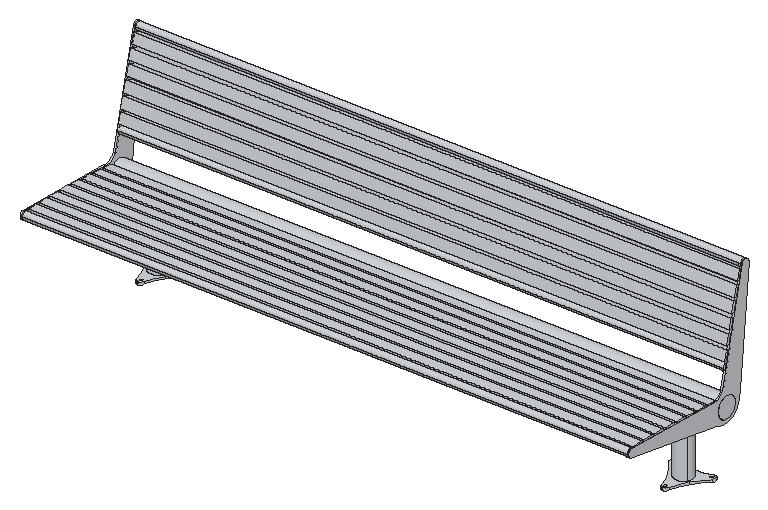
Revit family "Скамейка уличная «Палермо натур»", category Мебель, Revit 2017
Family settings
  Номер OmniClass = 23.40.20.00
  Заголовок OmniClass = General Furniture and Specialties
  На основе рабочей плоскости = Нет
  Всегда вертикально = Да
  При загрузке вырезать с полостями = Нет
  Общий = Нет
  Точка расчета площади = Нет
Parameters (values of type "Скамейка уличная «Палермо натур» 3,0м")
  Стоимость = 56175
  Изготовитель = "ООО \"Хоббика\""
  URL = "https://hobbyka.ru/product/skameyka_ulichnaya_palermo_natur/?sphrase_id=64114"
  ADSK_Размер_Ширина сидения = 535 mm
  ADSK_Размер_Ширина = 733 mm
  ADSK_Размер_Длина = 3000 mm
  ADSK_Размер_Высота сидения = 452 mm
  ADSK_Размер_Высота = 980 mm
  ADSK_Наименование = "Скамейка уличная «Палермо натур» 3,0м"
  ADSK_Материал опоры = none
  ADSK_Материал доски = none
  ADSK_Код изделия = "9675"
Types (3, lengths in mm): name | Стоимость | ADSK_Размер_Длина | ADSK_Наименование
  (no name) | 56175 | 3000 | "Скамейка уличная «Палермо натур» 3,0м"
  Скамейка уличная «Палермо» 1.8м | 40110 | 1512 | "Скамейка уличная «Палермо» 1.8м"
  Скамейка уличная «Палермо натур» 3,0м | 56175 | 3000 | "Скамейка уличная «Палермо натур» 3,0м"
Reference planes
  plane 1 "По центру (Вперед/Назад)": y = 0
  plane 2: z = 0
  plane 3 "По центру (Влево/Вправо)": x = 0
  plane 4: x = -1500
  plane 5: x = 1500
  plane 6: x = -1292.888
  plane 7: x = 1292.888
  plane 8: x = -1492
  plane 9: x = 1492
Forms (mm)
  Extrusion 1, solid, material <- "ADSK_Материал опоры"
    sketch origin (0, 0, 0) x (0, 1, 0) y (0, 0, 1)
      loop
        circle (-139.281, 382.568) r 50
      loop
        circle (-123.73, 551.733) r 17.755
      loop
        circle (-18.23, 964.655) r 17.755
      loop
        circle (-716.46, 432.421) r 17.755
    from -1492 to 1492
  Extrusion 2, solid, material <- "ADSK_Материал доски"
    sketch origin (0, 0, 0) x (0, 1, 0) y (0, 0, 1)
      loop
        line (-646.176, 416.636) -> (-646.176, 451.636) -> (-697.301, 451.636) -> (-697.301, 416.636) -> (-646.176, 416.636)
      loop
        line (-580.801, 415.945) -> (-580.801, 450.945) -> (-631.926, 450.945) -> (-631.926, 415.945) -> (-580.801, 415.945)
      loop
        line (-514.975, 413.485) -> (-514.242, 448.477) -> (-565.356, 449.547) -> (-566.089, 414.555) -> (-514.975, 413.485)
      loop
        line (-448.866, 411.59) -> (-448.133, 446.583) -> (-499.247, 447.653) -> (-499.98, 412.661) -> (-448.866, 411.59)
      loop
        line (-383.844, 407.213) -> (-382.073, 442.168) -> (-433.133, 444.755) -> (-434.904, 409.8) -> (-383.844, 407.213)
      loop
        line (-318.259, 403.047) -> (-316.001, 437.974) -> (-367.019, 441.273) -> (-369.278, 406.346) -> (-318.259, 403.047)
      loop
        line (-192.257, 392.54) -> (-188.902, 427.378) -> (-239.792, 432.278) -> (-243.146, 397.44) -> (-192.257, 392.54)
      loop
        line (-255.414, 398.577) -> (-252.879, 433.485) -> (-303.87, 437.188) -> (-306.405, 402.28) -> (-255.414, 398.577)
      loop
        line (-55.912, 898.345) -> (-22.286, 888.636) -> (-8.104, 937.754) -> (-41.73, 947.463) -> (-55.912, 898.345)
      loop
        line (-73.748, 834.755) -> (-40.006, 825.458) -> (-26.425, 874.746) -> (-60.167, 884.043) -> (-73.748, 834.755)
      loop
        line (-90.481, 770.869) -> (-56.567, 762.221) -> (-43.934, 811.761) -> (-77.849, 820.409) -> (-90.481, 770.869)
      loop
        line (-106.883, 706.448) -> (-72.792, 698.523) -> (-61.216, 748.321) -> (-95.307, 756.245) -> (-106.883, 706.448)
      loop
        line (-121.731, 642.736) -> (-87.643, 634.8) -> (-76.051, 684.593) -> (-110.139, 692.529) -> (-121.731, 642.736)
      loop
        line (-135.898, 578.42) -> (-101.689, 571.021) -> (-90.88, 620.99) -> (-125.089, 628.39) -> (-135.898, 578.42)
    from -1492 to 1492
Dimensions and locks
  equal spacing: plane 4, plane 3 "По центру (Влево/Вправо)", plane 5
  "ADSK_Размер_Длина": plane 4 to plane 5
  locked: plane 4 to plane 6 at 207.112
  locked: plane 5 to plane 7 at 207.112
  locked: plane 9 to plane 5 at 8
  locked: plane 4 to plane 8 at 8
  aligned and locked: level to plane 2
  aligned and locked: plane 6 to nested 1
  aligned and locked: nested 2 to plane 7
  aligned and locked: nested 3 to plane 4
  aligned and locked: nested 3 to plane 1 "По центру (Вперед/Назад)"
  aligned and locked: nested 4 to plane 5
  aligned and locked: plane 1 "По центру (Вперед/Назад)" to nested 4
  aligned and locked: nested 1 to nested 2
  aligned and locked: plane 8 to Extrusion 1
  aligned and locked: Extrusion 1 to plane 9
  aligned and locked: plane 8 to Extrusion 2
  aligned and locked: Extrusion 2 to plane 9
Automatic sketch dimensions
  plane 1 "По центру (Вперед/Назад)" to Extrusion 2 sketch curve = 697.301 mm
  level to Extrusion 2 sketch curve = 451.636 mm
  Extrusion 2 sketch curve to Extrusion 2 sketch curve = 0 mm
  Extrusion 2 sketch curve to Extrusion 2 sketch curve = 51.125 mm  (x2)
  Extrusion 2 sketch curve to Extrusion 2 sketch curve = 14.251 mm  (x2)
  level to Extrusion 2 sketch curve = 450.945 mm
  Extrusion 2 sketch curve to Extrusion 2 sketch curve = 14.712 mm
  level to Extrusion 2 sketch curve = 449.547 mm
  Extrusion 2 sketch curve to Extrusion 2 sketch curve = 15.445 mm
  Extrusion 2 sketch curve to Extrusion 2 sketch curve = 51.114 mm  (x2)
  Extrusion 2 sketch curve to Extrusion 2 sketch curve = 14.995 mm  (x2)
  Extrusion 2 sketch curve to Extrusion 2 sketch curve = 13.962 mm
  Extrusion 2 sketch curve to Extrusion 2 sketch curve = 15 mm
  Extrusion 2 sketch curve to Extrusion 2 sketch curve = 51.06 mm
  Extrusion 2 sketch curve to Extrusion 2 sketch curve = 14.566 mm
  Extrusion 2 sketch curve to Extrusion 2 sketch curve = 15.054 mm
  Extrusion 2 sketch curve to Extrusion 2 sketch curve = 51.018 mm
  Extrusion 2 sketch curve to Extrusion 2 sketch curve = 11.855 mm
  Extrusion 2 sketch curve to Extrusion 2 sketch curve = 12.131 mm
  Extrusion 2 sketch curve to Extrusion 2 sketch curve = 50.991 mm
  Extrusion 2 sketch curve to Extrusion 2 sketch curve = 12.268 mm
  Extrusion 2 sketch curve to Extrusion 2 sketch curve = 13.087 mm
  Extrusion 2 sketch curve to Extrusion 2 sketch curve = 50.89 mm
  plane 1 "По центру (Вперед/Назад)" to Extrusion 2 sketch curve = 135.898 mm
  Extrusion 2 sketch curve to Extrusion 2 sketch curve = 10.809 mm
  Extrusion 2 sketch curve to Extrusion 2 sketch curve = 3.358 mm
  Extrusion 2 sketch curve to Extrusion 2 sketch curve = 11.592 mm
  Extrusion 2 sketch curve to Extrusion 2 sketch curve = 3.256 mm
  Extrusion 2 sketch curve to Extrusion 2 sketch curve = 34.209 mm  (x2)
  Extrusion 2 sketch curve to Extrusion 2 sketch curve = 11.576 mm
  Extrusion 2 sketch curve to Extrusion 2 sketch curve = 4.826 mm
  Extrusion 2 sketch curve to Extrusion 2 sketch curve = 3.237 mm
  Extrusion 2 sketch curve to Extrusion 2 sketch curve = 12.633 mm
  Extrusion 2 sketch curve to Extrusion 2 sketch curve = 34.088 mm
  Extrusion 2 sketch curve to Extrusion 2 sketch curve = 4.1 mm
  Extrusion 2 sketch curve to Extrusion 2 sketch curve = 3.258 mm
  Extrusion 2 sketch curve to Extrusion 2 sketch curve = 34.091 mm
  Extrusion 2 sketch curve to Extrusion 2 sketch curve = 13.581 mm
  Extrusion 2 sketch curve to Extrusion 2 sketch curve = 4.65 mm
  Extrusion 2 sketch curve to Extrusion 2 sketch curve = 4.255 mm
  Extrusion 2 sketch curve to Extrusion 2 sketch curve = 33.915 mm
  plane 1 "По центру (Вперед/Назад)" to Extrusion 2 sketch curve = 41.73 mm
  Extrusion 2 sketch curve to Extrusion 2 sketch curve = 3.928 mm
  plane 1 "По центру (Вперед/Назад)" to Extrusion 2 sketch curve = 26.425 mm
  Extrusion 2 sketch curve to Extrusion 2 sketch curve = 4.139 mm
  plane 1 "По центру (Вперед/Назад)" to Extrusion 2 sketch curve = 8.104 mm
  Extrusion 2 sketch curve to Extrusion 2 sketch curve = 1.071 mm  (x2)
  Extrusion 2 sketch curve to Extrusion 2 sketch curve = 0.823 mm
  Extrusion 2 sketch curve to Extrusion 2 sketch curve = 1.828 mm
  Extrusion 2 sketch curve to Extrusion 2 sketch curve = 2.587 mm
  Extrusion 2 sketch curve to Extrusion 2 sketch curve = 0.896 mm
  Extrusion 2 sketch curve to Extrusion 2 sketch curve = 3.299 mm
  Extrusion 2 sketch curve to Extrusion 2 sketch curve = 0.786 mm
  Extrusion 2 sketch curve to Extrusion 2 sketch curve = 3.703 mm
  Extrusion 2 sketch curve to Extrusion 2 sketch curve = 1.207 mm
  Extrusion 2 sketch curve to Extrusion 2 sketch curve = 4.9 mm
  Extrusion 2 sketch curve to Extrusion 2 sketch curve = 35 mm
  Extrusion 2 sketch curve to Extrusion 2 sketch curve = 0.691 mm
  Extrusion 2 sketch curve to Extrusion 2 sketch curve = 143.642 mm
  Extrusion 2 sketch curve to Extrusion 2 sketch curve = 7.4 mm  (x2)
  Extrusion 2 sketch curve to Extrusion 2 sketch curve = 49.969 mm
  Extrusion 2 sketch curve to Extrusion 2 sketch curve = 13.81 mm
  Extrusion 2 sketch curve to Extrusion 2 sketch curve = 14.346 mm  (x2)
  Extrusion 2 sketch curve to Extrusion 2 sketch curve = 49.793 mm
  Extrusion 2 sketch curve to Extrusion 2 sketch curve = 7.936 mm
  Extrusion 2 sketch curve to Extrusion 2 sketch curve = 13.93 mm
  Extrusion 2 sketch curve to Extrusion 2 sketch curve = 13.919 mm
  Extrusion 2 sketch curve to Extrusion 2 sketch curve = 49.797 mm
  Extrusion 2 sketch curve to Extrusion 2 sketch curve = 7.925 mm
  Extrusion 2 sketch curve to Extrusion 2 sketch curve = 13.901 mm
  Extrusion 2 sketch curve to Extrusion 2 sketch curve = 14.624 mm
  Extrusion 2 sketch curve to Extrusion 2 sketch curve = 49.54 mm
  Extrusion 2 sketch curve to Extrusion 2 sketch curve = 8.648 mm
  Extrusion 2 sketch curve to Extrusion 2 sketch curve = 13.697 mm
  Extrusion 2 sketch curve to Extrusion 2 sketch curve = 49.288 mm
  Extrusion 2 sketch curve to Extrusion 2 sketch curve = 9.298 mm
  Extrusion 2 sketch curve to Extrusion 2 sketch curve = 13.89 mm
  Extrusion 2 sketch curve to Extrusion 2 sketch curve = 14.302 mm
  Extrusion 2 sketch curve to Extrusion 2 sketch curve = 49.118 mm
  Extrusion 2 sketch curve to Extrusion 2 sketch curve = 9.709 mm
Nested families
  nested 1: "Семейство7" at (-1292.888, -140, 0), материал <- "ADSK_Материал опоры", type "Семейство7"
    with материал none
  nested 2: "Семейство7" at (1292.888, -140, 0), материал <- "ADSK_Материал опоры", type "Семейство7"
    with материал none
  nested 3: "Семейство6" at (-577.721, -454.75, 0), Материал <- "ADSK_Материал опоры", type "Семейство6"
    with Материал none
  nested 4: "Семейство6" at (577.721, -454.75, 0) x (-1, 0, 0) z (0, 0, 1), Материал <- "ADSK_Материал опоры", type "Семейство6"
    with Материал none
Definition of nested family "Семейство7"
  Parameters (values of type "Семейство7")
    материал [instance] = none
  Reference planes
    plane 1 "По центру (Вперед/Назад)": y = 0
    plane 2: z = 0
    plane 3 "По центру (Влево/Вправо)": x = 0
  Forms (mm)
    Extrusion 1, solid, material <- "материал"
      sketch origin (-50.934, 55.121, 0) x (1, 0, 0) y (0, 1, 0)
        loop
          circle (50.934, -55.121) r 45
      from 10 to 383
    Extrusion 2, solid, material <- "материал"
      sketch origin (-50.934, 55.121, 0) x (1, 0, 0) y (0, 1, 0)
        loop
          arc (68.633, -168.402) -> (83.496, -125.828) -> (102.896, -85.121) r 414.498
          arc (102.896, -85.121) -> (128.45, -47.966) -> (157.888, -13.807) r 414.498
          arc (157.888, -13.807) -> (163.937, -3.168) -> (161.786, 8.879) r 18
          arc (161.786, 8.879) -> (152.428, 16.767) -> (140.19, 16.847) r 18
          arc (140.19, 16.847) -> (95.888, 8.432) -> (50.934, 4.879) r 414.498
          arc (50.934, 4.879) -> (5.981, 8.432) -> (-38.321, 16.847) r 414.498
          arc (-38.321, 16.847) -> (-50.559, 16.767) -> (-59.917, 8.879) r 18
          arc (-59.917, 8.879) -> (-62.068, -3.168) -> (-56.019, -13.807) r 18
          arc (-56.019, -13.807) -> (-26.581, -47.966) -> (-1.027, -85.121) r 414.498
          arc (-1.027, -85.121) -> (18.373, -125.828) -> (33.236, -168.402) r 414.498
          arc (33.236, -168.402) -> (39.425, -178.96) -> (50.934, -183.121) r 18
          arc (50.934, -183.121) -> (62.444, -178.96) -> (68.633, -168.402) r 18
      from 0 to 10
    Extrusion 3, void
      sketch origin (-50.934, 55.121, 0) x (1, 0, 0) y (0, 1, 0)
        loop
          circle (50.934, -165.121) r 6
        loop
          circle (146.197, -0.121) r 6
        loop
          circle (-44.328, -0.121) r 6
      from 0 to 10
  Cuts and joins
    Extrusion 3 cuts Extrusion 2
  Lines and regions (mm)
    symbolic lines
      curve 1: line (0, 135, 0) -> (0, -175, 0)
      curve 2: line (-135, 0, 0) -> (140, 0, 0)
  Dimensions and locks
    aligned and locked: level to plane 2
Definition of nested family "Семейство6"
  Parameters (values of type "Семейство6")
    Материал [instance] = none
  Reference planes
    plane 1 "По центру (Вперед/Назад)": y = 0
    plane 2: z = 0
    plane 3 "По центру (Влево/Вправо)": x = 0
  Forms (mm)
    Extrusion 1, solid, material <- "Материал"
      sketch origin (0, 0, 0) x (0, 1, 0) y (0, 0, 1)
        loop
          line (-265.711, 413.783) -> (268.233, 320.678)
          arc (268.233, 320.678) -> (348.669, 318.722) -> (398.464, 381.922) r 89.913
          line (398.464, 381.922) -> (402.7, 419.685) -> (454.75, 965.104)
          arc (454.75, 965.104) -> (440.495, 982.064) -> (420.799, 971.918) r 17.755
          arc (420.799, 971.918) -> (351.739, 720.123) -> (296.275, 464.988) r 4869.286
          arc (296.275, 464.988) -> (273.905, 436.868) -> (238.422, 431.195) r 49.668
          arc (238.422, 431.195) -> (-12.663, 446.469) -> (-264.158, 451.752) r 6327.725
          arc (-264.158, 451.752) -> (-278.922, 433.34) -> (-265.711, 413.783) r 19.893
      from -922.279 to -914.279
    Extrusion 2, solid, material <- "Материал"
      sketch origin (0, 0, 0) x (0, 1, 0) y (0, 0, 1)
        loop
          circle (315.949, 382.568) r 50
      from -927.554 to -922.279
  Dimensions and locks
    aligned and locked: level to plane 2
